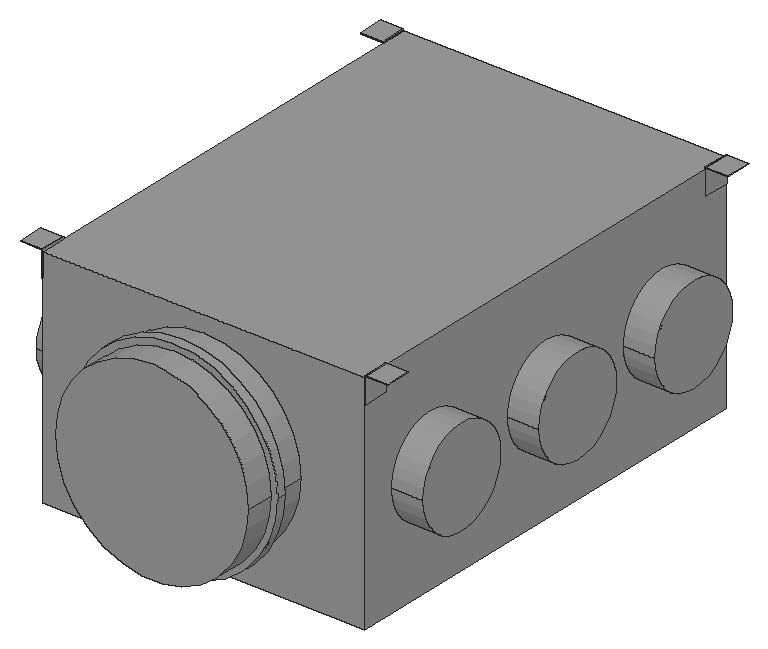
Revit family "SA_FASU(F7-150 300Φ)", category ダクト付属品, Revit 2020
Family settings
  丸型コネクタ寸法 = 直径を使用
  パーツ タイプ = ダンパー
  OmniClass 番号 = 23.75.00.00
  OmniClass タイトル = Climate Control (HVAC)
  作業面ベース = いいえ
  常に垂直 = はい
  ロード時にボイドで切り取り = いいえ
  共有 = いいえ
Parameters
  高さ = 350 mm
  風量 = 0.0 L/s
  符号 = "FASU"
  形式 = "F7-150 300φ"
  幅 [instance] = 500 mm
  奥行き = 700 mm
  大きさ = 250 mm
  呼称 = "FASUチャンバー"
  付属品_下端レベル [instance] = 0 mm
  マテリアル [instance] = 既定値
  ダクト_イン = 300 mm
  ダクト_アウト = 150 mm
  既定の高さ = 0 mm
Reference planes
  plane 1 "中心(正面/背面)": y = 0
  plane 2: z = 0
  plane 3 "中心(左/右)": x = 0
  plane 4: x = -250
  plane 5: x = 250
  plane 6: y = -700
  plane 7: z = 350
  plane 8: z = 175
  plane 9: z = 266.963
  plane 10: z = 86.159
  plane 11: x = -251
  plane 12: z = 313.122
  plane 13: z = 352.122
  plane 14: y = -350
Forms (mm)
  Extrusion 1, solid, material "既定値" <- "マテリアル"
    sketch origin (0, 0, 0) x (1, 0, 0) y (0, 1, 0)
      loop
        line (-250, 0) -> (-250, -700) -> (250, -700) -> (250, 0) -> (-250, 0)
    from 0 to 350
  Extrusion 2, solid, material "既定値" <- "マテリアル"
    sketch origin (0, -30, 0) x (1, 0, 0) y (0, 1, 0)
      loop
        line (-250, 30) -> (-251, 30) -> (-251, -10) -> (-250, -10) -> (-250, 30)
    from 313.122 to 350
  Extrusion 3, solid, material "既定値" <- "マテリアル"
    sketch origin (0, -30, 0) x (1, 0, 0) y (0, 1, 0)
      loop
        line (-285, 30) -> (-285, -10) -> (-251, -10) -> (-251, 30) -> (-285, 30)
    from 352.122 to 350
  Extrusion 4, solid, material "既定値" <- "マテリアル"
    sketch origin (0, -30, 0) x (-1, 0, 0) y (0, -1, 0)
      loop
        line (-250, -30) -> (-250, 10) -> (-251, 10) -> (-251, -30) -> (-250, -30)
    from 313.122 to 353.122
  Extrusion 5, solid, material "既定値" <- "マテリアル"
    sketch origin (0, -30, 0) x (-1, 0, 0) y (0, -1, 0)
      loop
        line (-285, -30) -> (-251, -30) -> (-251, 10) -> (-285, 10) -> (-285, -30)
    from 352.122 to 353.122
  Extrusion 6, solid, material "既定値" <- "マテリアル"
    sketch origin (0, -490, 0) x (1, 0, 0) y (0, 1, 0)
      loop
        line (-285, -170) -> (-285, -210) -> (-251, -210) -> (-251, -170) -> (-285, -170)
    from 352.122 to 353.122
  Extrusion 7, solid, material "既定値" <- "マテリアル"
    sketch origin (0, -490, 0) x (1, 0, 0) y (0, 1, 0)
      loop
        line (-250, -170) -> (-251, -170) -> (-251, -210) -> (-250, -210) -> (-250, -170)
    from 313.122 to 353.122
  Extrusion 8, solid, material "既定値" <- "マテリアル"
    sketch origin (0, -490, 0) x (-1, 0, 0) y (0, -1, 0)
      loop
        line (-285, 170) -> (-251, 170) -> (-251, 210) -> (-285, 210) -> (-285, 170)
    from 352.122 to 353.122
  Extrusion 9, solid, material "既定値" <- "マテリアル"
    sketch origin (0, -490, 0) x (-1, 0, 0) y (0, -1, 0)
      loop
        line (-250, 170) -> (-250, 210) -> (-251, 210) -> (-251, 170) -> (-250, 170)
    from 313.122 to 353.122
  Extrusion 10, solid, material "既定値" <- "マテリアル"
    sketch origin (550, -582.5, 0) x (0, -1, 0) y (0, 0, -1)
      loop
        circle (-232.5, -175) r 74.985
    from -300 to -250
  Extrusion 11, solid, material "既定値" <- "マテリアル"
    sketch origin (-550, -582.5, 0) x (0, -1, 0) y (0, 0, 1)
      loop
        circle (-232.5, 175) r 74.985
    from -300 to -250
  Extrusion 12, solid, material "既定値" <- "マテリアル"
    sketch origin (0, -700, 0) x (1, 0, 0) y (0, 0, 1)
      loop
        circle (0, 175) r 150
    from 0 to 42.5
  Extrusion 13, solid, material "既定値" <- "マテリアル"
    sketch origin (0, -743, 0) x (1, 0, 0) y (0, 0, 1)
      loop
        circle (0, 175) r 160
    from -0.5 to 14.5
  Extrusion 14, solid, material "既定値" <- "マテリアル"
    sketch origin (0, -757.5, 0) x (1, 0, 0) y (0, 0, 1)
      loop
        circle (0, 175) r 150
    from 0 to 42.5
  Extrusion 15, solid, material "既定値" <- "マテリアル"
    sketch origin (550, -357.5, 0) x (0, -1, 0) y (0, 0, -1)
      loop
        circle (-232.5, -175) r 74.985
    from -300 to -250
  Extrusion 16, solid, material "既定値" <- "マテリアル"
    sketch origin (-550, -357.5, 0) x (0, -1, 0) y (0, 0, 1)
      loop
        circle (-232.5, 175) r 74.985
    from -300 to -250
  Extrusion 17, solid, material "既定値" <- "マテリアル"
    sketch origin (550, -142.5, 0) x (0, 1, 0) y (0, 0, 1)
      loop
        circle (-432.5, 175) r 74.985
    from -300 to -250
  Extrusion 18, solid, material "既定値" <- "マテリアル"
    sketch origin (0, -142.5, 0) x (0, 1, 0) y (0, 0, 1)
      loop
        circle (-432.5, 175) r 74.985
    from -300 to -250
  Extrusion 19, solid, material "既定値" <- "マテリアル"
    sketch origin (232.5, 300, 0) x (1, 0, 0) y (0, 0, -1)
      loop
        circle (-232.5, -175) r 74.985
    from -300 to -250
Lines and regions (mm)
  model lines
    curve 1: line (-250, -30, 0) -> (250, -30, 0)
    curve 2: line (-250, -670, 0) -> (250, -670, 0)
Text (mm)
  text "FASU(F7-150 300Φ)" at (3.713, -630.412, 0), in view "参照レベル"
Dimensions and locks
  equal spacing: plane 4, plane 3 "中心(左/右)", plane 5
  "幅": plane 4 to plane 5
  "奥行き": plane 6 to plane 1 "中心(正面/背面)"
  "高さ": plane 7 to level
  equal spacing: plane 7, plane 8, level
  equal spacing: plane 6, plane 14, plane 1 "中心(正面/背面)"
  aligned and locked: level to plane 2
  aligned and locked: Extrusion 1 sketch curve to plane 5
  aligned and locked: plane 7 to Extrusion 1
  aligned and locked: Extrusion 2 sketch curve to Extrusion 1
  aligned and locked: plane 7 to Extrusion 2
  aligned and locked: Extrusion 3 sketch curve to Extrusion 2
  aligned and locked: Extrusion 2 to Extrusion 3 sketch curve
  aligned and locked: plane 7 to Extrusion 3
  aligned and locked: Extrusion 3 to plane 13
  aligned and locked: Extrusion 4 to Extrusion 5 sketch curve
  aligned and locked: Extrusion 5 sketch curve to Extrusion 4
  aligned and locked: Extrusion 1 to Extrusion 8
  aligned and locked: Extrusion 6 to Extrusion 1
  aligned and locked: Extrusion 7 to Extrusion 1
  aligned and locked: Extrusion 1 to Extrusion 9
  aligned and locked: Extrusion 9 to Extrusion 8
  aligned and locked: Extrusion 7 to Extrusion 6
  aligned and locked: plane 4 to Extrusion 7
  aligned and locked: Extrusion 9 to plane 5
  aligned and locked: plane 4 to curve 1
  aligned and locked: plane 5 to curve 1
  aligned and locked: plane 5 to curve 2
  aligned and locked: Extrusion 1 to Extrusion 3
  aligned and locked: Extrusion 5 to Extrusion 1
  aligned and locked: Extrusion 4 to plane 5
  aligned and locked: Extrusion 1 to plane 6
  aligned and locked: Extrusion 1 to plane 1 "中心(正面/背面)"
  aligned and locked: plane 6 to Extrusion 12
  aligned and locked: Extrusion 15 to plane 5
  aligned and locked: plane 4 to Extrusion 16
  aligned and locked: Extrusion 17 to plane 5
  aligned and locked: plane 4 to Extrusion 18
Automatic sketch dimensions
  curve 2 to plane 4 = 0 mm
  plane 6 to curve 2 = 30 mm
  plane 1 "中心(正面/背面)" to curve 1 = 30 mm
  Extrusion 1 sketch curve to plane 4 = 0 mm
  Extrusion 1 sketch curve to plane 6 = 0 mm
  plane 1 "中心(正面/背面)" to Extrusion 1 sketch curve = 0 mm
  plane 1 "中心(正面/背面)" to Extrusion 2 sketch curve = 0 mm
  Extrusion 2 sketch curve to plane 11 = 0 mm
  Extrusion 2 sketch curve to Extrusion 2 sketch curve = 40 mm
  plane 1 "中心(正面/背面)" to Extrusion 3 sketch curve = 0 mm
  Extrusion 3 sketch curve to Extrusion 3 sketch curve = 34 mm
  plane 1 "中心(正面/背面)" to Extrusion 4 sketch curve = 0 mm
  Extrusion 4 sketch curve to plane 5 = 0 mm
  Extrusion 4 sketch curve to Extrusion 4 sketch curve = 1 mm
  Extrusion 4 sketch curve to Extrusion 4 sketch curve = 40 mm
  plane 1 "中心(正面/背面)" to Extrusion 5 sketch curve = 0 mm
  Extrusion 5 sketch curve to Extrusion 5 sketch curve = 34 mm
  Extrusion 6 sketch curve to plane 6 = 0 mm
  Extrusion 6 sketch curve to plane 11 = 0 mm
  Extrusion 6 sketch curve to plane 11 = 34 mm
  plane 6 to Extrusion 6 sketch curve = 40 mm
  Extrusion 7 sketch curve to plane 11 = 0 mm
  Extrusion 7 sketch curve to plane 4 = 0 mm
  Extrusion 7 sketch curve to plane 6 = 0 mm
  plane 6 to Extrusion 7 sketch curve = 40 mm
  Extrusion 8 sketch curve to plane 6 = 0 mm
  Extrusion 8 sketch curve to plane 5 = 35 mm
  Extrusion 8 sketch curve to plane 5 = 1 mm
  Extrusion 8 sketch curve to Extrusion 8 sketch curve = 40 mm
  Extrusion 9 sketch curve to plane 6 = 0 mm
  Extrusion 9 sketch curve to plane 5 = 0 mm
  Extrusion 9 sketch curve to Extrusion 9 sketch curve = 1 mm
  Extrusion 9 sketch curve to Extrusion 9 sketch curve = 40 mm
  Extrusion 10 sketch curve to plane 8 = 0 mm
  Extrusion 10 sketch curve to plane 14 = 0 mm
  Extrusion 11 sketch curve to plane 8 = 0 mm
  Extrusion 11 sketch curve to plane 14 = 0 mm
  Extrusion 12 sketch curve to plane 3 "中心(左/右)" = 0 mm
  Extrusion 12 sketch curve to plane 8 = 0 mm
  Extrusion 13 sketch curve to plane 3 "中心(左/右)" = 0 mm
  Extrusion 13 sketch curve to plane 8 = 0 mm
  Extrusion 14 sketch curve to plane 3 "中心(左/右)" = 0 mm
  Extrusion 14 sketch curve to plane 8 = 0 mm
  Extrusion 15 sketch curve to plane 8 = 0 mm
  plane 1 "中心(正面/背面)" to Extrusion 15 sketch curve = 125 mm
  Extrusion 16 sketch curve to plane 8 = 0 mm
  plane 1 "中心(正面/背面)" to Extrusion 16 sketch curve = 125 mm
  Extrusion 17 sketch curve to plane 8 = 0 mm
  plane 6 to Extrusion 17 sketch curve = 125 mm
  Extrusion 18 sketch curve to plane 8 = 0 mm
  plane 6 to Extrusion 18 sketch curve = 125 mm
  Extrusion 19 sketch curve to plane 3 "中心(左/右)" = 0 mm
  Extrusion 19 sketch curve to plane 8 = 0 mm
  radius of Extrusion 10 sketch curve = 74.985 mm
  radius of Extrusion 11 sketch curve = 74.985 mm
  radius of Extrusion 12 sketch curve = 150 mm
  radius of Extrusion 13 sketch curve = 160 mm
  radius of Extrusion 14 sketch curve = 150 mm
  radius of Extrusion 15 sketch curve = 74.985 mm
  radius of Extrusion 16 sketch curve = 74.985 mm
  radius of Extrusion 17 sketch curve = 74.985 mm
  radius of Extrusion 18 sketch curve = 74.985 mm
  radius of Extrusion 19 sketch curve = 74.985 mm
Connectors
  hvac at (-300, -575, 175), driven by "ダクト_アウト"
    settings: on Extrusion 18, index 1, duct flow 0.0 L/s, flow factor 0, pres drop 0.0 Pa, loss coef 0, conn angle 0.00°, conn width 304.8 mm, conn height 304.8 mm, conn diameter 150 mm, duct sys type 29, conn prof type 0, flow config 0, flow direction 2, loss method 0, conn ref index -1, conn util no, is conn primary yes, conn desc ""
  hvac at (-300, -350, 175), driven by "ダクト_アウト"
    settings: on Extrusion 11, index 2, duct flow 0.0 L/s, flow factor 0, pres drop 0.0 Pa, loss coef 0, conn angle 0.00°, conn width 304.8 mm, conn height 304.8 mm, conn diameter 150 mm, duct sys type 29, conn prof type 0, flow config 0, flow direction 2, loss method 0, conn ref index -1, conn util no, is conn primary no, conn desc ""
  hvac at (-300, -125, 175), driven by "ダクト_アウト"
    settings: on Extrusion 16, index 3, duct flow 0.0 L/s, flow factor 0, pres drop 0.0 Pa, loss coef 0, conn angle 0.00°, conn width 304.8 mm, conn height 304.8 mm, conn diameter 150 mm, duct sys type 29, conn prof type 0, flow config 0, flow direction 2, loss method 0, conn ref index -1, conn util no, is conn primary no, conn desc ""
  hvac at (0, 50, 175), driven by "ダクト_アウト"
    settings: on Extrusion 19, index 4, duct flow 0.0 L/s, flow factor 0, pres drop 0.0 Pa, loss coef 0, conn angle 0.00°, conn width 304.8 mm, conn height 304.8 mm, conn diameter 150 mm, duct sys type 29, conn prof type 0, flow config 0, flow direction 2, loss method 0, conn ref index -1, conn util no, is conn primary no, conn desc ""
  hvac at (300, -125, 175), driven by "ダクト_アウト"
    settings: on Extrusion 15, index 5, duct flow 0.0 L/s, flow factor 0, pres drop 0.0 Pa, loss coef 0, conn angle 0.00°, conn width 304.8 mm, conn height 304.8 mm, conn diameter 150 mm, duct sys type 29, conn prof type 0, flow config 0, flow direction 2, loss method 0, conn ref index -1, conn util no, is conn primary no, conn desc ""
  hvac at (300, -350, 175), driven by "ダクト_アウト"
    settings: on Extrusion 10, index 6, duct flow 0.0 L/s, flow factor 0, pres drop 0.0 Pa, loss coef 0, conn angle 0.00°, conn width 304.8 mm, conn height 304.8 mm, conn diameter 150 mm, duct sys type 29, conn prof type 0, flow config 0, flow direction 2, loss method 0, conn ref index -1, conn util no, is conn primary no, conn desc ""
  hvac at (300, -575, 175), driven by "ダクト_アウト"
    settings: on Extrusion 17, index 7, duct flow 0.0 L/s, flow factor 0, pres drop 0.0 Pa, loss coef 0, conn angle 0.00°, conn width 304.8 mm, conn height 304.8 mm, conn diameter 150 mm, duct sys type 29, conn prof type 0, flow config 0, flow direction 2, loss method 0, conn ref index -1, conn util no, is conn primary no, conn desc ""
  hvac at (0, -800, 175), driven by "ダクト_イン"
    settings: on Extrusion 14, index 8, duct flow 0.0 L/s, flow factor 0, pres drop 0.0 Pa, loss coef 0, conn angle 0.00°, conn width 304.8 mm, conn height 304.8 mm, conn diameter 300 mm, duct sys type 29, conn prof type 0, flow config 0, flow direction 1, loss method 0, conn ref index -1, conn util no, is conn primary no, conn desc ""
